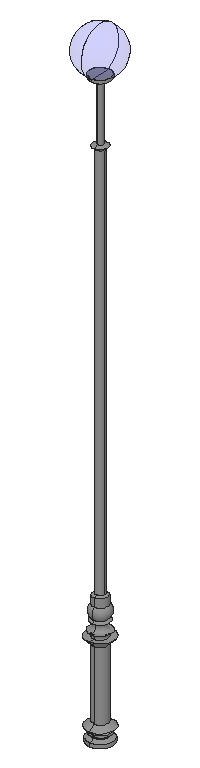
Revit family "Фонарный столб А-03 со светильником Арт 7415", category Антураж, Revit 2018
Family settings
  На основе рабочей плоскости = Нет
  Всегда вертикально = Да
  При загрузке вырезать с полостями = Нет
  Источник визуального образа = Геометрия семейства
  Общий = Нет
  Точка расчета площади = Нет
Parameters (values of type "Версия 5,411 м")
  Ширина = 400 mm  # constant formula
  Цвет каркаса = Сталь
  Описание = if([Версия 2,911 м], "Фонарный столб А-03 со светильником. Версия 2,911 м", if([Версия 3,411 м], "Фонарный столб А-03 со светильником. Версия 3,411 м", if([Версия 3,911 м], "Фонарный столб А-03 со светильником. Версия 3,911 м", if([Версия 4,411 м], "Фонарный столб А-03 со светильником. Версия 4,411 м", if([Версия 4,911 м], "Фонарный столб А-03 со светильником. Версия 4,911 м", "Фонарный столб А-03 со светильником. Версия 5,411 м")))))  # "Фонарный столб А-03 со светильником. Версия 5,411 м"
  Материал изделия = "Сталь"  # constant formula
  Изображение типоразмера = Фонарный столб А-03 со светильником Арт 7415.jpg
  Изготовитель = "ООО «Хоббика»"  # constant formula
  Длина = 400 mm  # constant formula
  Группа модели = "Светильники с чугунными опорами"  # constant formula
  Высота столба = Высота - 941 mm  # 4470 mm
  Высота = if([Версия 2,911 м], 2911 mm, if([Версия 3,411 м], 3411 mm, if([Версия 3,911 м], 3911 mm, if([Версия 4,411 м], 4411 mm, if([Версия 4,911 м], 4911 mm, 5411 mm)))))  # 5411 mm
  Версия 4,911 м = no
  Версия 4,411 м = no
  Версия 3,911 м = no
  Версия 3,411 м = no
  Версия 2,911 м = no
  Артикул товара = "Арт. 7415"  # constant formula
  URL = "https://hobbyka.ru/product/fonarnyy_stolb_a03_so_svetilnikom/"
Types (7, lengths in mm): name | Описание | Высота столба | Высота | Версия 4,911 м | Версия 4,411 м | Версия 3,911 м | Версия 3,411 м | Версия 2,911 м
  (no name) | "Фонарный столб А-03 со светильником. Версия 5,411 м" | 4470 | 5411 | no | no | no | no | no
  Версия 2,911 м | "Фонарный столб А-03 со светильником. Версия 2,911 м" | 1970 | 2911 | no | no | no | no | yes
  Версия 3,411 м | "Фонарный столб А-03 со светильником. Версия 3,411 м" | 2470 | 3411 | no | no | no | yes | no
  Версия 3,911 м | "Фонарный столб А-03 со светильником. Версия 3,911 м" | 2970 | 3911 | no | no | yes | no | no
  Версия 4,411 м | "Фонарный столб А-03 со светильником. Версия 4,411 м" | 3470 | 4411 | no | yes | no | no | no
  Версия 4,911 м | "Фонарный столб А-03 со светильником. Версия 4,911 м" | 3970 | 4911 | yes | no | no | no | no
  Версия 5,411 м | "Фонарный столб А-03 со светильником. Версия 5,411 м" | 4470 | 5411 | no | no | no | no | no
Reference planes
  plane 1 "По центру (Вперед/Назад)": y = 0
  plane 2: z = 0
  plane 3 "По центру (Влево/Вправо)": x = 0
  plane 4: x = 200
  plane 5: x = -200
  plane 6: y = 200
  plane 7: y = -200
  plane 8: z = 5411
Forms (mm)
  Extrusion 1, solid, material "Сталь" <- "Цвет каркаса"
    sketch origin (0, 0, 0) x (1, 0, 0) y (0, 1, 0)
      loop
        circle (0, 0) r 35
    from 1115.875 to 4470 <- "Высота столба"
Dimensions and locks
  "Длина": plane 5 to plane 4
  equal spacing: plane 5, plane 3 "По центру (Влево/Вправо)", plane 4
  equal spacing: plane 6, plane 1 "По центру (Вперед/Назад)", plane 7
  "Ширина": plane 6 to plane 7
  "Высота": plane 8 to level
  plane 8 to nested 2 = 941.003 mm
  aligned and locked: level to plane 2
  aligned and locked: nested 2 to plane 8
  aligned and locked: Extrusion 1 to nested 1
Automatic sketch dimensions
  plane 1 "По центру (Вперед/Назад)" to Extrusion 1 sketch curve = 0 mm
  Extrusion 1 sketch curve to plane 3 "По центру (Влево/Вправо)" = 0 mm
  radius of Extrusion 1 sketch curve = 35 mm
Nested families
  nested 1: "Фонарный столб А-03 со светильником опора" at (0, 0, 0), type "Фонарный столб А-03 со светильником опора"
  nested 2: "Фонарный столб А-03 со светильником светильник" at (0, 0, 4469.997), type "Фонарный столб А-03 со светильником светильник"
Definition of nested family "Фонарный столб А-03 со светильником опора"
  Parameters (values of type "Фонарный столб А-03 со светильником опора")
    Цвет каркаса = none
    Height = 0 mm
  Reference planes
    plane 1 "По центру (Вперед/Назад)": y = 0
    plane 2: z = 0
    plane 3 "По центру (Влево/Вправо)": x = 0
  Forms (mm)
    Revolve 1, solid, material <- "Цвет каркаса"
      sketch origin (0, -495.461, 1018.532) x (0, -1, 0) y (0, 0, -1)
        loop
          line (-555.461, 868.532) -> (-555.461, 282.231) -> (-611.604, 226.088) -> (-555.461, 226.088)
          arc (-555.461, 226.088) -> (-562.337, 197.332) -> (-587.008, 181.035) r 40.243
          arc (-587.008, 181.035) -> (-539.764, 149.158) -> (-573.114, 102.943) r 39.679
          arc (-573.114, 102.943) -> (-560.331, 97.648) -> (-555.036, 84.864) r 18.079
          arc (-555.036, 84.864) -> (-579.347, 34.864) -> (-555.036, -15.136) r 63.571
          line (-555.036, -15.136) -> (-555.036, -80.136) -> (-530.461, -97.343) -> (-495.461, -97.343) -> (-495.461, 1018.532) -> (-603.461, 1018.532) -> (-603.461, 993.983) -> (-555.461, 976.98) -> (-555.461, 971.911) -> (-579.609, 955.002) -> (-579.609, 940.002) -> (-555.461, 933.532) -> (-555.461, 918.54) -> (-609.975, 903.934) -> (-555.461, 868.532)
        axis (-495.461, 1018.532) -> (-495.461, -97.343)
      angle from 0 to 360
  Dimensions and locks
    aligned and locked: level to plane 2
Definition of nested family "Фонарный столб А-03 со светильником светильник"
  Parameters (values of type "Фонарный столб А-03 со светильником светильник")
    Цвет каркаса = none
    Height = 0 mm
  Reference planes
    plane 1 "По центру (Вперед/Назад)": y = 0
    plane 2: z = 0
    plane 3 "По центру (Влево/Вправо)": x = 0
    plane 4: z = 941.003
  Forms (mm)
    Revolve 1, solid
      sketch origin (0, -495.461, 1047.532) x (0, -1, 0) y (0, 0, -1)
        loop
          line (-495.461, 106.532) -> (-495.461, 485.98) -> (-583.77, 485.98)
          arc (-583.77, 485.98) -> (-690.255, 261.197) -> (-495.461, 106.532) r 200
        axis (-495.461, 485.98) -> (-495.461, 106.532)
      angle from 0 to 360
    Revolve 2, solid, material <- "Цвет каркаса"
      sketch origin (0, -495.461, 1018.532) x (0, -1, 0) y (0, 0, -1)
        loop
          line (-520.461, 976.98) -> (-520.461, 510.152) -> (-583.77, 476.98) -> (-583.77, 456.98) -> (-495.461, 456.98) -> (-495.461, 1018.532) -> (-520.461, 1018.532) -> (-556.713, 993.885) -> (-520.461, 976.98)
        axis (-495.461, 1018.532) -> (-495.461, 456.98)
      angle from 0 to 360
  Dimensions and locks
    plane 4 to level = 941.003 mm
    aligned and locked: level to plane 2
